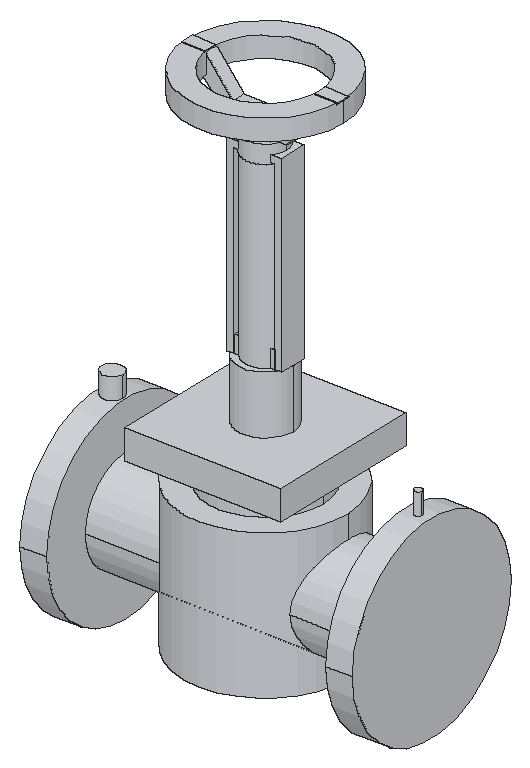
Revit family "Sigma_Compact_DN150-HF_PN16_RFA_2018", category Pipe Accessories, Revit 2018
Family settings
  Round Connector Dimension = Use Diameter
  Part Type = Valve - Breaks Into
  Work Plane-Based = No
  Always vertical = Yes
  Cut with Voids When Loaded = No
  Shared = No
Parameters (values of type "Sigma Compact DN 150 HF PN16")
  magiProductId = "2e5d0064e2dd45fa818d7fb779c9a5"
  magiProductFamilyId = "01495da7eb234de3883c6bc9c8853e"
  magiPartTypeId = 304
  isMeasuringValve [instance] = no
  ang2D [instance] = 0.00°
  W2D = 50 mm
  VersionID = "2.0/2018.12.13.2/FRESE_SIGMA_C_BIG_Q13_001"
  Use Minimum Symbol Size [instance] = no
  URL = "www.hydronix.cz"
  Type Comments = "přírubový; PN16; max dp=800kPa; 0~+110°C; max uzavírací tlak 1MPa"
  R4 = 84 mm
  R3 = 74.1 mm
  R1 = 120 mm
  QmdConnectorList = "301;D;302;D"
  Productdata [instance] = ""
  Manufacturer = "Hydronix"
  Maintenance Zone Under Depth [instance] = 100 mm
  Maintenance Zone Right Depth [instance] = 100 mm
  Maintenance Zone Over Depth [instance] = 100 mm
  Maintenance Zone Left Depth [instance] = 100 mm
  Maintenance Zone Front Depth [instance] = 100 mm
  Maintenance Zone Back Depth [instance] = 100 mm
  Maintenance Zone Front Visibility [instance] = no
  MC Use Limits From Balancing Method = no
  MC Throttling Minimum Value = 0
  MC Throttling Maximum Value = 0
  MC Product Code = "53-2415 DN150; PN16; (32000-195000 l/h); kvs=242"
  MC Pressure Drop Minimum Value = 0.0 Pa
  MC Pressure Drop Maximum Value = 0.0 Pa
  MC Piping Given Pressure Drop [instance] = 0.0 Pa
  LF__ve = -LF  # -38.4 mm
  LF2 = 19.2 mm
  LF = 38.4 mm
  L432 = 39.48 mm
  L43 = 78.96 mm
  L42 = 112.8 mm
  L4 = 225.6 mm
  L3 = 403.2 mm
  L2D_Min = 30.48 mm
  L2D = 230 mm
  L2 = 240 mm
  HH12 = 13 mm
  HH1 = 26 mm
  HDF__ve = -HDF  # -391 mm
  HDF = 391 mm
  H6 = 85 mm
  H4 = 42.75 mm
  H3 = 35.625 mm
  H2 = 106.875 mm
  H11 = 213.75 mm
  H1 = 782 mm
  H = 676 mm
  Description = "Automatický vyvažovací ventil"
  DF2 = 142.5 mm
  D = 150 mm
  Clearance Zone Height Depth [instance] = 100 mm
  Clearance Zone Circular Radius [instance] = 240 mm
  Clearance Zone Visibility [instance] = no
  CAT0 = yes
Types (9, lengths in mm): name | magiProductId | Type Comments | R4 | R3 | R1 | MC Product Code | LF__ve | LF2 | LF | L432 | L43 | L42 | L4 | L3 | L2 | HH12 | HH1 | HDF__ve | HDF | H4 | H3 | H2 | H11 | H1 | H | DF2 | D | Clearance Zone Circular Radius
  Sigma Compact DN 050 HF PN16 | "68e8ec0e285d475ea5c3f8787337ca" | "přírubový; PN16; max dp=800kPa; 0~+120°C; max uzavírací tlak 1MPa" | 40.25 | 42.9 | 57.5 | "53-2410 DN50; PN16; (3920-24000 l/h); kvs=34" | -18.4 | 9.2 | 18.4 | 18.917 | 37.835 | 54.05 | 108.1 | 193.2 | 115 | 16.5 | 33 | -202 | 202 | 24.75 | 20.625 | 61.875 | 123.75 | 480 | 367 | 82.5 | 50 | 115
  Sigma Compact DN 065 HF PN16 | "93d22af618bf47d6be13ef3bd41a97" | "přírubový; PN16; max dp=800kPa; 0~+120°C; max uzavírací tlak 1MPa" | 50.75 | 48.1 | 72.5 | "53-2411 DN65; PN16; (5950-35000 l/h); kvs=47" | -23.2 | 11.6 | 23.2 | 23.853 | 47.705 | 68.15 | 136.3 | 243.6 | 145 | 16.5 | 33 | -199 | 199 | 27.75 | 23.125 | 69.375 | 138.75 | 497 | 384 | 92.5 | 65 | 145
  Sigma Compact DN 080 HF PN16 | "30d16928369c437789493110503824" | "přírubový; PN16; max dp=800kPa; 0~+120°C; max uzavírací tlak 1MPa" | 54.25 | 52 | 77.5 | "53-2412 DN80; PN16; (7020-43000 l/h); kvs=61" | -24.8 | 12.4 | 24.8 | 25.497 | 50.995 | 72.85 | 145.7 | 260.4 | 155 | 16.5 | 33 | -213 | 213 | 30 | 25 | 75 | 150 | 526 | 413 | 100 | 80 | 155
  Sigma Compact DN 100 HF PN16 | "cbc2fc0a341c4a2b87b0bcbf79c376" | "přírubový; PN16; max dp=800kPa; 0~+120°C; max uzavírací tlak 1MPa" | 61.25 | 61.1 | 87.5 | "53-2413 DN100; PN16; (14800-90000 l/h); kvs=104" | -28 | 14 | 28 | 28.788 | 57.575 | 82.25 | 164.5 | 294 | 175 | 34 | 68 | -331 | 331 | 35.25 | 29.375 | 88.125 | 176.25 | 714 | 566 | 117.5 | 100 | 175
  Sigma Compact DN 125 HF PN16 | "02452206f7594718b3d97e4e693144" | "přírubový; PN16; max dp=800kPa; 0~+120°C; max uzavírací tlak 1MPa" | 70 | 70.2 | 100 | "53-2414 DN125; PN16; (23000-135000 l/h); kvs=185" | -32 | 16 | 32 | 32.9 | 65.8 | 94 | 188 | 336 | 200 | 36.5 | 73 | -338 | 338 | 40.5 | 33.75 | 101.25 | 202.5 | 761 | 608 | 135 | 125 | 200
  Sigma Compact DN 150 HF PN16 | "2e5d0064e2dd45fa818d7fb779c9a5" | "přírubový; PN16; max dp=800kPa; 0~+110°C; max uzavírací tlak 1MPa" | 84 | 74.1 | 120 | "53-2415 DN150; PN16; (32000-195000 l/h); kvs=242" | -38.4 | 19.2 | 38.4 | 39.48 | 78.96 | 112.8 | 225.6 | 403.2 | 240 | 13 | 26 | -391 | 391 | 42.75 | 35.625 | 106.875 | 213.75 | 782 | 676 | 142.5 | 150 | 240
  Sigma Compact DN 200 HF PN16 | "9690c155034b41f3a54554dedb5edf" | "přírubový; PN16; max dp=800kPa; 0~+110°C; max uzavírací tlak 1MPa" | 105 | 98.8 | 150 | "53-2416 DN200; PN16; (130000-280000 l/h); kvs=317" | -48 | 24 | 48 | 49.35 | 98.7 | 141 | 282 | 504 | 300 | 29.5 | 59 | -334 | 334 | 57 | 47.5 | 142.5 | 285 | 853 | 714 | 190 | 200 | 300
  Sigma Compact DN 250 HF PN16 | "baee3668eb0d4f168225ec1ed946f7" | "přírubový; PN16; max dp=800kPa; 0~+110°C; max uzavírací tlak 1MPa" | 127.75 | 115.44 | 182.5 | "53-2417 DN250; PN16; (245000-600000 l/h); kvs=717" | -58.4 | 29.2 | 58.4 | 60.042 | 120.085 | 171.55 | 343.1 | 613.2 | 365 | 29 | 58 | -462 | 462 | 66.6 | 55.5 | 166.5 | 333 | 1044 | 906 | 222 | 250 | 365
  Sigma Compact DN 300 HF PN16 | "f903017b03a74a7ebca8b59c0516bf" | "přírubový; PN16; max dp=800kPa; 0~+110°C; max uzavírací tlak 1MPa" | 148.75 | 135.2 | 212.5 | "53-2418 DN300; PN16; (245000-600000 l/h); kvs=717" | -68 | 34 | 68 | 69.912 | 139.825 | 199.75 | 399.5 | 714 | 425 | 29 | 58 | -424 | 424 | 78 | 65 | 195 | 390 | 1082 | 944 | 260 | 300 | 425
Reference planes
  plane 1 "Center (Front/Back)": y = 0
  plane 2 "XYPLANE": z = 0
  plane 3 "Center (Left/Right)": x = 0
  plane 4 "298": y = -242.5
  plane 5 "297": y = 242.5
  plane 6 "296": y = -142.5
  plane 7 "295": y = 142.5
  plane 8 "294": z = -242.5
  plane 9 "293": z = 739.5
  plane 10 "292": x = -340
  plane 11 "291": x = 340
  plane 12 "290": z = 739.5
  plane 13 "256": y = -20
  plane 14 "254": z = 536.5
  plane 15 "253": z = 546.5
  plane 16 "252": x = -40
  plane 17 "251": x = -30
  plane 18 "250": x = 40
  plane 19 "249": x = 30
  plane 20 "247": z = 270.25
  plane 21 "244": z = 533.5
  plane 22 "243": x = 112.8
  plane 23 "242": x = 78.96
  plane 24 "241": x = 39.48
  plane 25 "240": y = -10
  plane 26 "238": x = -39.48
  plane 27 "237": x = -78.96
  plane 28 "236": z = 559.5
  plane 29 "235": z = 589.5
  plane 30 "234": x = -112.8
  plane 31 "225": z = 639.5
  plane 32 "224": z = -142.5
  plane 33 "157": x = 220.8
  plane 34 "156": x = -220.8
  plane 35 "155": z = 142.5
  plane 36 "154": z = 185.25
  plane 37 "153": z = 142.5
  plane 38 "152": z = 106.875
  plane 39 "151": x = -201.6
  plane 40 "150": z = -106.875
  plane 41 "149": x = 0
  plane 42 "148": y = 0
  plane 43 "147": z = 0
  plane 44 "146": x = -240
  plane 45 "145": x = 240
Forms (mm)
  Blend 1, solid, visible <- "Maintenance Zone Front Visibility"
    base sketch origin (-750, 0, 739.5) x (1, 0, 0) y (0, 1, 0)
      loop
        line (410, 242.5) -> (410, -242.5) -> (1090, -242.5) -> (1090, 242.5) -> (410, 242.5)
    top sketch origin (-750, 0, 739.5) x (1, 0, 0) y (0, 1, 0)
      loop
        line (410, 242.5) -> (410, -242.5) -> (1090, -242.5) -> (1090, 242.5) -> (410, 242.5)
    from 0 to -982
  Blend 2, solid, visible <- "Clearance Zone Visibility"
    base sketch origin (-750, 0, 0) x (1, 0, 0) y (0, 1, 0)
      loop
        circle (750, 0) r 240
    top sketch origin (-750, 0, 0) x (1, 0, 0) y (0, 1, 0)
      loop
        circle (750, 0) r 240
    from 0 to 739.5
  Extrusion 3, solid
    sketch origin (-750, 0, 533.5) x (1, 0, 0) y (0, 1, 0)
      loop
        circle (750, 0) r 30.562
    from 0 to -391 <- "HDF__ve"
  Extrusion 4, solid
    sketch origin (-750, 0, 270.25) x (1, 0, 0) y (0, 1, 0)
      loop
        line (780, 20) -> (720, 20) -> (720, -20) -> (780, -20) -> (780, 20)
    from 0 to 25
  Extrusion 5, solid
    sketch origin (750, -20, 0) x (-1, 0, 0) y (0, 0, 1)
      loop
        line (790, 270.25) -> (790, 546.5) -> (710, 546.5) -> (710, 270.25) -> (720, 270.25) -> (720, 536.5) -> (780, 536.5) -> (780, 270.25) -> (790, 270.25)
    from 0 to 40
  Extrusion 6, solid
    sketch origin (-750, 0, 270.25) x (1, 0, 0) y (0, 1, 0)
      loop
        circle (750, 0) r 25
    from 0 to 30
  Extrusion 7, solid
    sketch origin (750, -10, 0) x (-1, 0, 0) y (0, 0, 1)
      loop
        line (828.96, 639.5) -> (789.48, 589.5) -> (750, 589.5) -> (750, 559.5) -> (789.48, 559.5) -> (862.8, 639.5) -> (828.96, 639.5)
    from 0 to 20
  Extrusion 8, solid
    sketch origin (750, -10, 0) x (-1, 0, 0) y (0, 0, 1)
      loop
        line (671.04, 639.5) -> (637.2, 639.5) -> (710.52, 559.5) -> (750, 559.5) -> (750, 589.5) -> (710.52, 589.5) -> (671.04, 639.5)
    from 0 to 20
  Extrusion 9, solid
    sketch origin (-750, 0, 533.5) x (1, 0, 0) y (0, 1, 0)
      loop
        circle (750, 0) r 30.562
    from 0 to 26 <- "HH1"
  Extrusion 10, solid
    sketch origin (-750, 0, 639.5) x (1, 0, 0) y (0, 1, 0)
      loop
        circle (750, 0) r 112.8
      loop
        circle (750, 0) r 78.96
    from 0 to -30
  Extrusion 11, solid, visible <- "CAT0"
    sketch origin (-750, 0, 142.5) x (1, 0, 0) y (0, 1, 0)
      loop
        circle (970.8, 0) r 5.5
    from 0 to 30
  Extrusion 12, solid, visible <- "CAT0"
    sketch origin (-750, 0, 142.5) x (1, 0, 0) y (0, 1, 0)
      loop
        circle (529.2, 0) r 15.5
    from 0 to 30
  Extrusion 13, solid, visible <- "CAT0"
    sketch origin (-750, 0, 185.25) x (1, 0, 0) y (0, 1, 0)
      loop
        circle (750, 0) r 40.562
    from 0 to 85 <- "H6"
  Extrusion 14, solid, visible <- "CAT0"
    sketch origin (-750, 0, 142.5) x (1, 0, 0) y (0, 1, 0)
      loop
        line (862.8, 112.8) -> (637.2, 112.8) -> (637.2, -112.8) -> (862.8, -112.8) -> (862.8, 112.8)
    from 0 to 42.75 <- "H4"
  Extrusion 15, solid, visible <- "CAT0"
    sketch origin (-750, 0, 106.875) x (1, 0, 0) y (0, 1, 0)
      loop
        circle (750, 0) r 84
    from 0 to 35.625 <- "H3"
  Extrusion 16, solid, visible <- "CAT0"
    sketch origin (-201.6, -750, 0) x (0, 1, 0) y (0, 0, 1)
      loop
        circle (750, 0) r 74.1
    from 0 to 403.2 <- "L3"
  Extrusion 17, solid, visible <- "CAT0"
    sketch origin (-750, 0, -106.875) x (1, 0, 0) y (0, 1, 0)
      loop
        circle (750, 0) r 120
    from 0 to 213.75 <- "H11"
  Extrusion 18, solid, visible <- "CAT0"
    sketch origin (-240, -750, 0) x (0, 1, 0) y (0, 0, 1)
      loop
        circle (750, 0) r 142.5
    from 0 to 38.4 <- "LF"
  Extrusion 19, solid, visible <- "CAT0"
    sketch origin (240, -750, 0) x (0, 1, 0) y (0, 0, 1)
      loop
        circle (750, 0) r 142.5
    from 0 to -38.4 <- "LF__ve"
  Extrusion 20, solid, not visible
    sketch origin (-240, -750, 0) x (0, 1, 0) y (0, 0, 1)
      loop
        circle (750, 0) r 10
    from 0 to 10
  Extrusion 21, solid, not visible
    sketch origin (240, -750, 0) x (0, 1, 0) y (0, 0, 1)
      loop
        circle (750, 0) r 10
    from 0 to -10
Lines and regions (mm)
  reference lines, not visible
    curve 1: circle (2, 2, 0) r 1 normal (0, 0, 1)
  reference lines
    curve 2: circle (0, 0, 142.5) r 1 normal (0, 0, 1)
Dimensions and locks
  plane 1 "Center (Front/Back)" to curve 1 = 2 mm
  "Maintenance Zone Front Depth": plane 6 "296" to plane 4 "298"
  "Maintenance Zone Back Depth": plane 7 "295" to plane 5 "297"
  "DF2": plane 42 "148" to plane 6 "296"
  "DF2": plane 42 "148" to plane 7 "295"
  "Maintenance Zone Under Depth": plane 32 "224" to plane 8 "294"
  "Maintenance Zone Over Depth": plane 31 "225" to plane 9 "293"
  "Maintenance Zone Left Depth": plane 44 "146" to plane 10 "292"
  "Maintenance Zone Right Depth": plane 45 "145" to plane 11 "291"
  "Clearance Zone Height Depth": plane 31 "225" to plane 12 "290"
  locked: plane 25 "240" to plane 13 "256" at 10
  locked: plane 15 "253" to plane 14 "254" at 10
  "HH12": plane 21 "244" to plane 15 "253"
  locked: plane 17 "251" to plane 16 "252" at 10
  locked: plane 41 "149" to plane 17 "251" at 30
  locked: plane 19 "249" to plane 18 "250" at 10
  locked: plane 41 "149" to plane 19 "249" at 30
  "H6": plane 36 "154" to plane 20 "247"
  "H": plane 32 "224" to plane 21 "244"
  "L42": plane 41 "149" to plane 22 "243"
  "L43": plane 41 "149" to plane 23 "242"
  "L432": plane 41 "149" to plane 24 "241"
  locked: plane 42 "148" to plane 25 "240" at 10
  "L432": plane 41 "149" to plane 26 "238"
  "L43": plane 41 "149" to plane 27 "237"
  locked: plane 29 "235" to plane 28 "236" at 30
  locked: plane 31 "225" to plane 29 "235" at 50
  "L42": plane 41 "149" to plane 30 "234"
  "H1": plane 32 "224" to plane 31 "225"
  "DF2": plane 2 "XYPLANE" to plane 32 "224"
  "LF2": plane 45 "145" to plane 33 "157"
  "LF2": plane 44 "146" to plane 34 "156"
  "DF2": plane 2 "XYPLANE" to plane 35 "155"
  "H4": plane 37 "153" to plane 36 "154"
  "H3": plane 38 "152" to plane 37 "153"
  "H11": plane 40 "150" to plane 38 "152"
  "LF": plane 44 "146" to plane 39 "151"
  "H2": plane 2 "XYPLANE" to plane 40 "150"
  locked: plane 3 "Center (Left/Right)" to plane 41 "149"
  locked: plane 1 "Center (Front/Back)" to plane 42 "148"
  locked: plane 2 "XYPLANE" to plane 43 "147"
  "L2": plane 3 "Center (Left/Right)" to plane 44 "146"
  "L2": plane 3 "Center (Left/Right)" to plane 45 "145"
  Blend 1 sketch curve to Blend 1 sketch curve = 0 mm  (x16)
  Extrusion 4 sketch curve to Extrusion 4 sketch curve = 0 mm  (x8)
  Extrusion 5 sketch curve to Extrusion 5 sketch curve = 0 mm  (x16)
  Extrusion 7 sketch curve to Extrusion 7 sketch curve = 0 mm  (x12)
  Extrusion 8 sketch curve to Extrusion 8 sketch curve = 0 mm  (x12)
  equal spacing: Extrusion 14 sketch curve, curve 2, Extrusion 14 sketch curve  (x2)
  "L4": Extrusion 14 sketch curve to Extrusion 14 sketch curve  (x2)
  Extrusion 14 sketch curve to Extrusion 14 sketch curve = 0 mm  (x8)
  "Clearance Zone Circular Radius": radius of Blend 2 sketch curve  (x2)
  "L42": radius of Extrusion 10 sketch curve
  "L43": radius of Extrusion 10 sketch curve
  "R4": radius of Extrusion 15 sketch curve
  "R3": radius of Extrusion 16 sketch curve
  "R1": radius of Extrusion 17 sketch curve
  "DF2": radius of Extrusion 18 sketch curve
  "DF2": radius of Extrusion 19 sketch curve
  aligned and locked: level to plane 2 "XYPLANE"
  aligned and locked: Blend 1 sketch curve to plane 5 "297"  (x2)
  aligned and locked: plane 10 "292" to Blend 1 sketch curve  (x4)
  aligned and locked: plane 11 "291" to Blend 1 sketch curve  (x4)
  aligned and locked: plane 5 "297" to Blend 1 sketch curve  (x2)
  aligned and locked: plane 4 "298" to Blend 1 sketch curve  (x4)
  aligned and locked: Blend 1 to plane 8 "294"
  aligned and locked: plane 41 "149" to Blend 2 sketch curve  (x2)
  aligned and locked: plane 42 "148" to Blend 2 sketch curve  (x2)
  aligned and locked: plane 12 "290" to Blend 2
  aligned and locked: plane 41 "149" to Extrusion 3 sketch curve
  aligned and locked: plane 42 "148" to Extrusion 3 sketch curve
  aligned and locked: Extrusion 5 sketch curve to plane 16 "252"
  aligned and locked: plane 20 "247" to Extrusion 5 sketch curve  (x4)
  aligned and locked: plane 15 "253" to Extrusion 5 sketch curve  (x2)
  aligned and locked: plane 16 "252" to Extrusion 5 sketch curve
  aligned and locked: plane 18 "250" to Extrusion 5 sketch curve  (x2)
  aligned and locked: plane 19 "249" to Extrusion 5 sketch curve  (x2)
  aligned and locked: plane 14 "254" to Extrusion 5 sketch curve  (x2)
  aligned and locked: plane 17 "251" to Extrusion 5 sketch curve  (x2)
  aligned and locked: plane 41 "149" to Extrusion 6 sketch curve
  aligned and locked: plane 42 "148" to Extrusion 6 sketch curve
  aligned and locked: plane 27 "237" to Extrusion 7 sketch curve
  aligned and locked: plane 31 "225" to Extrusion 7 sketch curve  (x2)
  aligned and locked: plane 26 "238" to Extrusion 7 sketch curve  (x2)
  aligned and locked: plane 29 "235" to Extrusion 7 sketch curve  (x2)
  aligned and locked: plane 41 "149" to Extrusion 7 sketch curve  (x2)
  aligned and locked: plane 28 "236" to Extrusion 7 sketch curve  (x2)
  aligned and locked: plane 30 "234" to Extrusion 7 sketch curve
  aligned and locked: plane 23 "242" to Extrusion 8 sketch curve
  aligned and locked: plane 31 "225" to Extrusion 8 sketch curve  (x2)
  aligned and locked: plane 24 "241" to Extrusion 8 sketch curve  (x2)
  aligned and locked: plane 29 "235" to Extrusion 8 sketch curve  (x2)
  aligned and locked: plane 41 "149" to Extrusion 8 sketch curve  (x2)
  aligned and locked: plane 28 "236" to Extrusion 8 sketch curve  (x2)
  aligned and locked: plane 22 "243" to Extrusion 8 sketch curve
  aligned and locked: plane 41 "149" to Extrusion 9 sketch curve
  aligned and locked: plane 42 "148" to Extrusion 9 sketch curve
  aligned and locked: plane 41 "149" to Extrusion 10 sketch curve  (x2)
  aligned and locked: plane 42 "148" to Extrusion 10 sketch curve  (x2)
  aligned and locked: plane 33 "157" to Extrusion 11 sketch curve
  aligned and locked: plane 42 "148" to Extrusion 11 sketch curve
  aligned and locked: plane 34 "156" to Extrusion 12 sketch curve
  aligned and locked: plane 42 "148" to Extrusion 12 sketch curve
  aligned and locked: plane 41 "149" to Extrusion 13 sketch curve
  aligned and locked: plane 42 "148" to Extrusion 13 sketch curve
  aligned and locked: plane 41 "149" to curve 2
  aligned and locked: plane 42 "148" to curve 2
  aligned and locked: plane 41 "149" to Extrusion 15 sketch curve
  aligned and locked: plane 42 "148" to Extrusion 15 sketch curve
  aligned and locked: Extrusion 16 sketch curve to plane 42 "148"
  aligned and locked: plane 43 "147" to Extrusion 16 sketch curve
  aligned and locked: plane 41 "149" to Extrusion 17 sketch curve
  aligned and locked: plane 42 "148" to Extrusion 17 sketch curve
  aligned and locked: Extrusion 18 sketch curve to plane 42 "148"
  aligned and locked: plane 43 "147" to Extrusion 18 sketch curve
  aligned and locked: Extrusion 19 sketch curve to plane 42 "148"
  aligned and locked: plane 43 "147" to Extrusion 19 sketch curve
  aligned and locked: Extrusion 20 sketch curve to plane 42 "148"
  aligned and locked: plane 43 "147" to Extrusion 20 sketch curve
  aligned and locked: Extrusion 21 sketch curve to plane 42 "148"
  aligned and locked: plane 43 "147" to Extrusion 21 sketch curve
Automatic sketch dimensions
  plane 26 "238" to Extrusion 3 sketch curve = 8.917 mm
  Extrusion 4 sketch curve to plane 17 "251" = 0 mm
  Extrusion 4 sketch curve to plane 13 "256" = 0 mm
  Extrusion 4 sketch curve to plane 19 "249" = 0 mm
  Extrusion 4 sketch curve to plane 1 "Center (Front/Back)" = 20 mm
  plane 17 "251" to Extrusion 6 sketch curve = 5 mm
  plane 26 "238" to Extrusion 9 sketch curve = 8.917 mm
  Extrusion 11 sketch curve to plane 33 "157" = 5.5 mm
  plane 44 "146" to Extrusion 12 sketch curve = 3.7 mm
  Extrusion 13 sketch curve to plane 26 "238" = 1.083 mm
  Extrusion 20 sketch curve to plane 25 "240" = 0 mm
  Extrusion 21 sketch curve to plane 25 "240" = 0 mm
  plane 3 "Center (Left/Right)" to curve 1 = 2 mm
  Extrusion 14 sketch curve to plane 30 "234" = 0 mm
  plane 6 "296" to Extrusion 14 sketch curve = 29.7 mm
  radius of curve 2 = 1 mm
  radius of curve 1 = 1 mm
Connectors
  piping at (-240, 0, 0), diameter 150, driven by "D"
    settings: on Extrusion 20, index 1, connector inside diameter 609.6 mm, connector length 0 mm, flow factor 0, pipe flow 0.0 L/s, pressure drop 0.0 Pa, fitting loss kfactor 0, connector angle 0.00°, fixture units 0, engagement length 0 mm, angle of deflection 0.00°, flow configuration 0, flow direction 0, fitting loss method 0, system type 29, joint type 0, gender type 0, connector reference index 2, connector utility 0, adjustable connector no, is connector primary yes, connector description ""
  piping at (240, 0, 0), diameter 150, driven by "D"
    settings: on Extrusion 21, index 2, connector inside diameter 609.6 mm, connector length 0 mm, flow factor 0, pipe flow 0.0 L/s, pressure drop 0.0 Pa, fitting loss kfactor 0, connector angle 0.00°, fixture units 0, engagement length 0 mm, angle of deflection 0.00°, flow configuration 0, flow direction 0, fitting loss method 0, system type 29, joint type 0, gender type 0, connector reference index 1, connector utility 0, adjustable connector no, is connector primary no, connector description ""
